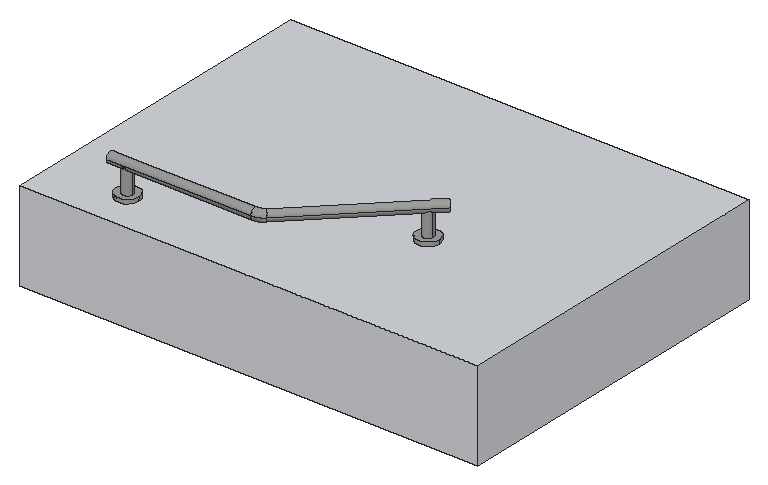
Revit family "ASH_Contour21_S6487_BIM_GB", category Plumbing Fixtures, host Face, Revit 2014
Parameters (values of type "S6487AA - Contour21 - Contemporary Grab Rail - 450 x 450mm Angled - Chrome")
  WarrantyStartDate [instance] = "1900-12-31T23:59:59"
  WarrantyGuarantorParts = "Productinfo@thebluebook.co.uk"
  WarrantyGuarantorLabor = "n/a"
  WarrantyDurationUnit = "year"
  WarrantyDurationParts = "5"
  WarrantyDurationLabor = "n/a"
  WarrantyDescription = "Manufacturers Warranty"
  WFU = 0
  VolumeUnits = "Litres"
  Version = "1"
  Uniclass2015Version = "Products v1.1"
  Uniclass2015Title = "Support rails"
  Uniclass2015Code = "Pr_40_20_76_84"
  URL = "www.idealspec.co.uk"
  Type Comments = "n/a"
  TagNumber [instance] = "n/a"
  SustainabilityPerformance = "n/a"
  SpareParts = "www.fastpart-spares.co.uk"
  Space = "Internal"
  Size = "0 x 0 x 0 mm"
  Shape = "Sculptured"
  SerialNumber [instance] = "n/a"
  Revision = "n/a"
  ReplacementCost = "n/a"
  Reference = "n/a"
  ProductInformation = "www.idealspec.co.uk/assets/datasheet/S6487AA"
  Phone = "01543 490 253"
  NominalWidth = 0 mm
  NominalLength = 0 mm
  NominalHeight = 0 mm
  NettWeight = "0.62 Kg"
  Name = "SupportRails_Contour21_S6487AA_ArmitageShanks"
  NBSTypeID = "n/a"
  NBSReference = "45-35-70/360"
  NBSOfficeMasterTag = "n/a"
  NBSNote = "n/a"
  NBSDescription = "Support rails"
  NBSCertification = "n/a"
  ModelReference = Description  # "Contour 21 contemporary grab rail angled 45x 45cm long"
  ModelNumber = Model  # "S6487AA"
  Model = "S6487AA"
  Material = "Aluminium"
  ManufacturerURL = "www.idealspec.co.uk"
  Manufacturer = "Productinfo@thebluebook.co.uk"
  LinearUnits = "millimeters"
  InstallationInstructions = "www.idealspec.co.uk/resources.html"
  InstallationDate [instance] = "1900-12-31T23:59:59"
  IfcExportType = "FAUCET"
  IfcExportAs = "IfcValveType"
  HWFU = 0
  GrossWeight = "n/a"
  Grade = "n/a"
  GrabRailMtl = ASH_ArmatigeShanks_Brassware_Chrome_Render
  Finish = "Chrome"
  Features = "Contemporary grab rail angled 45x 45cm long"
  ExpectedLife = "30"
  DurationUnit = "year"
  DistributedBy = "n/a"
  Description = "Contour 21 contemporary grab rail angled 45x 45cm long"
  Default Elevation = 680 mm
  CurrencyUnit = "n/a"
  CreatedOn = "2016-26-09"
  Cost = 0
  Constituents = "n/a"
  ConnectionType = "Plumbing"
  Color = "Chrome finish"
  CodePerformance = "n/a"
  Category = "n/a"
  CWFU = 0
  Brand = "Armitage Shanks"
  BarCode = "5017830387374"
  BIMObjectName = "ASH_ArmitageShanks_SupportRails_Contour21_S6487AA"
  Author = "Ideal Standard (UK) Ltd"
  AssetType = "Fixed"
  AssetIdentifier [instance] = "n/a"
  Assembly Code = "C1030200"
  AreaUnits = "millimeters"
  AreaMeasurement = "n/a"
  Accessories = "www.idealspec.co.uk"
  AccessibilityPerformance = "Part-M"
Types (2, lengths in mm): name | ProductInformation | Name | ModelNumber | Model | GrabRailMtl | Color | BarCode | BIMObjectName
  S6487AA - Contour21 - Contemporary Grab Rail - 450 x 450mm Angled - Chrome | "www.idealspec.co.uk/assets/datasheet/S6487AA" | "SupportRails_Contour21_S6487AA_ArmitageShanks" | "S6487AA" | "S6487AA" | ASH_ArmatigeShanks_Brassware_Chrome_Render | "Chrome finish" | "5017830387374" | "ASH_ArmitageShanks_SupportRails_Contour21_S6487AA"
  S6487MY - Contour21 - Contemporary Grab Rail - 450 x 450mm Angled - Stainless Steel | "www.idealspec.co.uk/assets/datasheet/S6487MY" | "SupportRails_Contour21_S6487MY_ArmitageShanks" | "S6487MY" | "S6487MY" | ASH_ArmatigeShanks_Brassware_Steel_Render | "Stainless Steel finish" | "5017830387404" | "ASH_ArmitageShanks_SupportRails_Contour21_S6487MY"
Reference planes
  plane 1 "Center (Front/Back)": y = 0
  plane 2: z = 0
  plane 3 "Center (Left/Right)": x = 0
  plane 4: z = 100
  plane 5: y = -57.5
  plane 6: y = -107.5
  plane 7: y = -17.5
  plane 8: y = -40
  plane 9: y = -75
  plane 10: x = 57.5
  plane 11: x = 17.5
  plane 12: x = 40
  plane 13: x = 507.5
  plane 14: through (509.249, -55.496, 1219.2) normal (-0.7071, 0.7071, 0)
  plane 15: through (825.849, 261.104, 1219.2) normal (0.7071, 0.7071, 0)
  plane 16: through (475.046, -24.488, 1219.2) normal (0.7071, 0.7071, 0)
  plane 17: z = 12
  plane 18: z = 117.5
Forms (mm)
  Extrusion 1, solid
    sketch origin (-2.122, -192.856, 0) x (1, 0, 0) y (0, 1, 0)
      loop
        line (-197.878, 1152.856) -> (-197.878, 0.823) -> (1359.51, 0.823) -> (1359.51, 1152.856) -> (-197.878, 1152.856)
    from 0 to -304.8
  Extrusion 2, solid, material "ASH_ArmatigeShanks_Brassware_Chrome_Render" <- "GrabRailMtl"
    sketch origin (-2.122, -192.856, 0) x (1, 0, 0) y (0, 1, 0)
      loop
        circle (59.622, 135.356) r 39.254
      loop
        circle (827.971, 453.96) r 39.254
    from 0 to 12
  Extrusion 3, solid, material "ASH_ArmatigeShanks_Brassware_Chrome_Render" <- "GrabRailMtl"
    sketch origin (-40.129, -4572, 12) x (-1, 0, 0) y (0, -1, 0)
      loop
        circle (-97.629, -4514.5) r 17
      loop
        circle (-865.978, -4833.104) r 17
    from 0 to 88
  Sweep 4, solid, material "ASH_ArmatigeShanks_Brassware_Chrome_Render" <- "GrabRailMtl"
    path origin (0, -4572, 100) x (-1, 0, 0) y (0, -1, 0)
      loop
        line (0, -4514.5) -> (-490.931, -4514.5)
        arc (-490.931, -4514.5) -> (-506.239, -4517.545) -> (-519.216, -4526.216) r 40
        line (-519.216, -4526.216) -> (-866.357, -4873.357)
    profile origin (245.466, -57.5, 100) x (0, 1, 0) y (0, 0, 1)
      loop
        circle (0, 0) r 17.5
Dimensions and locks
  locked: plane 4 to level at 100
  plane 10 to plane 13 = 450 mm
  plane 15 to plane 16 = 450 mm
  aligned and locked: plane 2 to Extrusion 1
  aligned and locked: level to Extrusion 1
  aligned and locked: Extrusion 2 to Extrusion 1
  aligned and locked: Extrusion 2 to plane 17
  aligned and locked: Extrusion 3 to plane 17
  aligned and locked: Extrusion 3 to plane 4
